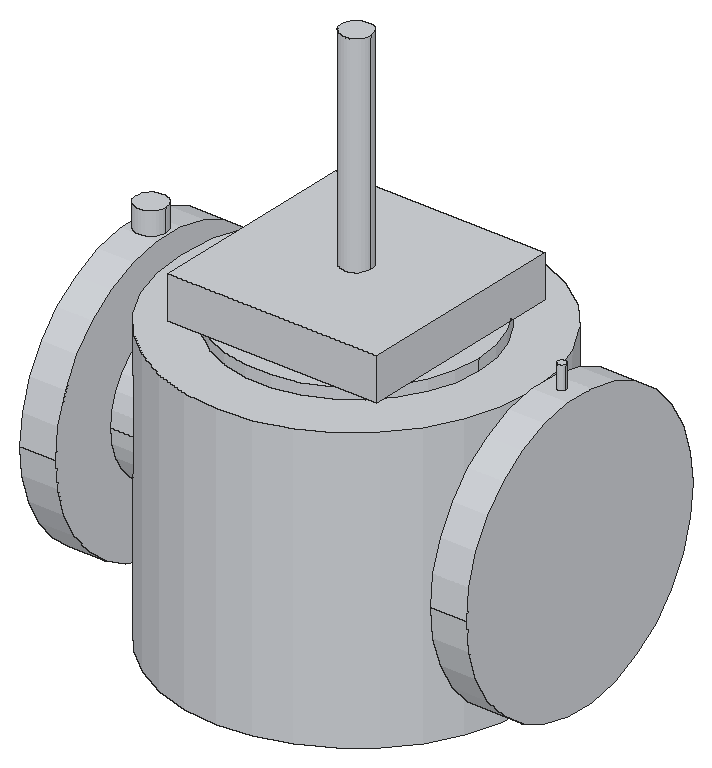
Revit family "OPTIMA_Compact_FLANGE_PN25_DN200-HF_RFA_2018", category Pipe Accessories, Revit 2018
Family settings
  Round Connector Dimension = Use Diameter
  Part Type = Valve - Breaks Into
  Work Plane-Based = No
  Always vertical = Yes
  Cut with Voids When Loaded = No
  Shared = No
Parameters (values of type "Optima Compact Flange PN25 DN200 HF")
  magiProductId = ""
  magiProductFamilyId = ""
  magiPartTypeId = 304
  isMeasuringValve [instance] = no
  ang2D [instance] = 0.00°
  W2D = 100 mm
  VersionID = "2.0/2018.8.28.1/FRESE_OPTIMA_FLANGE_Q13_002"
  Use Minimum Symbol Size [instance] = yes
  URL = "www.hydronic.cz"
  Type Comments = "Přírubový; PN25; 0~110°C, s měřením"
  R4 = 164.5 mm
  R3 = 98.8 mm
  R1 = 235 mm
  QmdConnectorList = "301;D;302;D"
  Productdata [instance] = ""
  Manufacturer = "Hydronic Systems Prague s.r.o."
  MC Product Code = "53-1236 (DN200 HF; 43mm; pohon min 1500N; Qmin-dpmin 130000l/h-31.0kPa; Qmax-dpmin 280000l/h-78.0kPa; dpmax 800kPa)"
  MC Piping Given Pressure Drop [instance] = 0.0 Pa
  LF__ve = -LF  # -48 mm
  LF2 = 24 mm
  LF = 48 mm
  L4 = 282 mm
  L3 = 504 mm
  L2D_Min = 3048 mm
  L2D = 350 mm
  L2 = 300 mm
  H6 = 281 mm
  H4 = 57 mm
  H3 = 15 mm
  H2 = 209 mm
  H1 = 380 mm
  Description = "Tlakově nezávislý 2-cestný regulační vyvažovací ventil (PICV)"
  DF2 = 190 mm
  D = 200 mm
  CAT0 = yes
Types (14, lengths in mm): name | magiProductId | magiProductFamilyId | W2D | Type Comments | R4 | R3 | R1 | MC Product Code | LF__ve | LF2 | LF | L4 | L3 | L2D | L2 | H6 | H4 | H3 | H2 | H1 | DF2 | D
  Optima Compact Flange PN25 DN050 LF | "Frese Optima Flange DN050 LF" | "Frese Optima Flange *" | 50 | "Přírubový; PN25; 0~120°C, s měřením" | 40.3 | 42.9 | 57.5 | "53-1220 (DN50 LF; 20mm; pohon min 1000N; Qmin-dpmin 2500l/h-6.5kPa; Qmax-dpmin 15000l/h-20.0kPa; dpmax 800kPa)" | -18.4 | 9.2 | 18.4 | 108.1 | 193.2 | 230 | 115 | 157.3 | 24.8 | 20.6 | 61.9 | 123.8 | 82.5 | 50
  Optima Compact Flange PN25 DN050 HF | "Frese Optima Flange DN050 HF" | "Frese Optima Flange *" | 50 | "Přírubový; PN25; 0~120°C, s měřením" | 40.25 | 42.9 | 57.5 | "53-1230 (DN50 HF; 20mm; pohon min 1000N; Qmin-dpmin 3900l/h-19.0kPa; Qmax-dpmin 24000l/h-50.0kPa; dpmax 800kPa)" | -18.4 | 9.2 | 18.4 | 108.1 | 193.2 | 230 | 115 | 157.25 | 24.75 | 20.625 | 61.875 | 123.75 | 82.5 | 50
  Optima Compact Flange PN25 DN065 LF | "Frese Optima Flange DN065 LF" | "Frese Optima Flange *" | 50 | "Přírubový; PN25; 0~120°C, s měřením" | 50.75 | 48.1 | 72.5 | "53-1221 (DN65 LF; 20mm; pohon min 1000N; Qmin-dpmin 4400l/h-15.0kPa; Qmax-dpmin 25000l/h-25.0kPa; dpmax 800kPa)" | -23.2 | 11.6 | 23.2 | 136.3 | 243.6 | 230 | 145 | 171.25 | 27.75 | 23.125 | 69.375 | 138.75 | 92.5 | 65
  Optima Compact Flange PN25 DN065 HF | "Frese Optima Flange DN065 HF" | "Frese Optima Flange *" | 50 | "Přírubový; PN25; 0~120°C, s měřením" | 50.75 | 48.1 | 72.5 | "53-1231 (DN65 HF; 20mm; pohon min 1000N; Qmin-dpmin 6000l/h-30.0kPa; Qmax-dpmin 35000l/h-55.0kPa; dpmax 800kPa)" | -23.2 | 11.6 | 23.2 | 136.3 | 243.6 | 230 | 145 | 171.25 | 27.75 | 23.125 | 69.375 | 138.75 | 92.5 | 65
  Optima Compact Flange PN25 DN080 LF | "Frese Optima Flange DN080 LF" | "Frese Optima Flange *" | 50 | "Přírubový; PN25; 0~120°C, s měřením" | 54.25 | 52 | 77.5 | "53-1222 (DN80 LF; 20mm; pohon min 1000N; Qmin-dpmin 5300l/h-16.0kPa; Qmax-dpmin 34000l/h-25.0kPa; dpmax 800kPa)" | -24.8 | 12.4 | 24.8 | 145.7 | 260.4 | 230 | 155 | 183 | 30 | 25 | 75 | 150 | 100 | 80
  Optima Compact Flange PN25 DN080 HF | "Frese Optima Flange DN080 HF" | "Frese Optima Flange *" | 50 | "Přírubový; PN25; 0~120°C, s měřením" | 54.25 | 52 | 77.5 | "53-1232 (DN80 HF; 20mm; pohon min 1000N; Qmin-dpmin 7000l/h-23.0kPa; Qmax-dpmin 43000l/h-50.0kPa; dpmax 800kPa)" | -24.8 | 12.4 | 24.8 | 145.7 | 260.4 | 230 | 155 | 183 | 30 | 25 | 75 | 150 | 100 | 80
  Optima Compact Flange PN25 DN100 LF | "Frese Optima Flange DN100 LF" | "Frese Optima Flange *" | 50 | "Přírubový; PN25; 0~120°C, s měřením" | 61.25 | 61.1 | 87.5 | "53-1223 (DN100 LF; 40mm; pohon min 1000N; Qmin-dpmin 12100l/h-20.0kPa; Qmax-dpmin 68000l/h-35.0kPa; dpmax 800kPa)" | -28 | 14 | 28 | 164.5 | 294 | 230 | 175 | 268.75 | 35.25 | 29.375 | 88.125 | 176.25 | 117.5 | 100
  Optima Compact Flange PN25 DN100 HF | "Frese Optima Flange DN100 HF" | "Frese Optima Flange *" | 50 | "Přírubový; PN25; 0~120°C, s měřením" | 61.25 | 61.1 | 87.5 | "53-1233 (DN100 HF; 40mm; pohon min 1000N; Qmin-dpmin 14800l/h-30.0kPa; Qmax-dpmin 90000l/h-75.0kPa; dpmax 800kPa)" | -28 | 14 | 28 | 164.5 | 294 | 230 | 175 | 268.75 | 35.25 | 29.375 | 88.125 | 176.25 | 117.5 | 100
  Optima Compact Flange PN25 DN125 LF | "Frese Optima Flange DN125 LF" | "Frese Optima Flange *" | 50 | "Přírubový; PN25; 0~120°C, s měřením" | 70 | 70.2 | 100 | "53-1224 (DN125 LF; 40mm; pohon min 1000N; Qmin-dpmin 18500l/h-16.0kPa; Qmax-dpmin 110000l/h-35.0kPa; dpmax 800kPa)" | -32 | 16 | 32 | 188 | 336 | 230 | 200 | 275.5 | 40.5 | 33.75 | 101.25 | 202.5 | 135 | 125
  Optima Compact Flange PN25 DN125 HF | "Frese Optima Flange DN125 HF" | "Frese Optima Flange *" | 50 | "Přírubový; PN25; 0~120°C, s měřením" | 70 | 70.2 | 100 | "53-1234 (DN125 HF; 40mm; pohon min 1000N; Qmin-dpmin 23000l/h-27.0kPa; Qmax-dpmin 135000l/h-53.0kPa; dpmax 800kPa)" | -32 | 16 | 32 | 188 | 336 | 230 | 200 | 275.5 | 40.5 | 33.75 | 101.25 | 202.5 | 135 | 125
  Optima Compact Flange PN25 DN150 LF | "Frese Optima Flange DN150 LF" | "Frese Optima Flange *" | 50 | "Přírubový; PN25; 0~110°C, s měřením" | 84 | 74.1 | 120 | "53-1225 (DN150 LF; 43mm; pohon min 1500N; Qmin-dpmin 25600l/h-21.0kPa; Qmax-dpmin 148000l/h-35.0kPa; dpmax 800kPa)" | -38.4 | 19.2 | 38.4 | 225.6 | 403.2 | 230 | 240 | 279.25 | 42.75 | 35.625 | 106.875 | 213.75 | 142.5 | 150
  Optima Compact Flange PN25 DN150 HF | "Frese Optima Flange DN150 HF" | "Frese Optima Flange *" | 50 | "Přírubový; PN25; 0~110°C, s měřením" | 84 | 74.1 | 120 | "53-1235 (DN150 HF; 43mm; pohon min 1500N; Qmin-dpmin 32000l/h-33.0kPa; Qmax-dpmin 195000l/h-65.0kPa; dpmax 800kPa)" | -38.4 | 19.2 | 38.4 | 225.6 | 403.2 | 230 | 240 | 279.25 | 42.75 | 35.625 | 106.875 | 213.75 | 142.5 | 150
  Optima Compact Flange PN25 DN200 LF | "" | "" | 100 | "Přírubový; PN25; 0~110°C, s měřením" | 164.5 | 98.8 | 235 | "53-1226 (DN200 LF; 43mm; pohon min 1500N; Qmin-dpmin 95000l/h-11.0kPa; Qmax-dpmin 210000l/h-32.0kPa; dpmax 800kPa)" | -48 | 24 | 48 | 282 | 504 | 350 | 300 | 281 | 57 | 15 | 209 | 380 | 190 | 200
  Optima Compact Flange PN25 DN200 HF | "" | "" | 100 | "Přírubový; PN25; 0~110°C, s měřením" | 164.5 | 98.8 | 235 | "53-1236 (DN200 HF; 43mm; pohon min 1500N; Qmin-dpmin 130000l/h-31.0kPa; Qmax-dpmin 280000l/h-78.0kPa; dpmax 800kPa)" | -48 | 24 | 48 | 282 | 504 | 350 | 300 | 281 | 57 | 15 | 209 | 380 | 190 | 200
Reference planes
  plane 1 "Center (Front/Back)": y = 0
  plane 2 "XYPLANE": z = 0
  plane 3 "Center (Left/Right)": x = 0
  plane 4 "157": x = 276
  plane 5 "156": x = -276
  plane 6 "155": z = 190
  plane 7 "154": z = 243
  plane 8 "153": z = 186
  plane 9 "152": z = 171
  plane 10 "151": x = -252
  plane 11 "150": z = -209
  plane 12 "149": x = 0
  plane 13 "148": y = 0
  plane 14 "147": z = 0
  plane 15 "146": x = -300
  plane 16 "145": x = 300
Forms (mm)
  Extrusion 1, solid, visible <- "CAT0"
    sketch origin (-750, 0, 190) x (1, 0, 0) y (0, 1, 0)
      loop
        circle (1026, 0) r 5.5
    from 0 to 30
  Extrusion 2, solid, visible <- "CAT0"
    sketch origin (-750, 0, 190) x (1, 0, 0) y (0, 1, 0)
      loop
        circle (474, 0) r 20.3
    from 0 to 30
  Extrusion 3, solid, visible <- "CAT0"
    sketch origin (-750, 0, 243) x (1, 0, 0) y (0, 1, 0)
      loop
        circle (750, 0) r 20
    from 0 to 281 <- "H6"
  Extrusion 4, solid, visible <- "CAT0"
    sketch origin (-750, 0, 186) x (1, 0, 0) y (0, 1, 0)
      loop
        line (891, 141) -> (609, 141) -> (609, -141) -> (891, -141) -> (891, 141)
    from 0 to 57 <- "H4"
  Extrusion 5, solid, visible <- "CAT0"
    sketch origin (-750, 0, 171) x (1, 0, 0) y (0, 1, 0)
      loop
        circle (750, 0) r 164.5
    from 0 to 15 <- "H3"
  Extrusion 6, solid, visible <- "CAT0"
    sketch origin (-252, -750, 0) x (0, 1, 0) y (0, 0, 1)
      loop
        circle (750, 0) r 98.8
    from 0 to 504 <- "L3"
  Extrusion 7, solid, visible <- "CAT0"
    sketch origin (-750, 0, -209) x (1, 0, 0) y (0, 1, 0)
      loop
        circle (750, 0) r 235
    from 0 to 380 <- "H1"
  Extrusion 8, solid, visible <- "CAT0"
    sketch origin (-300, -750, 0) x (0, 1, 0) y (0, 0, 1)
      loop
        circle (750, 0) r 190
    from 0 to 48 <- "LF"
  Extrusion 9, solid, visible <- "CAT0"
    sketch origin (300, -750, 0) x (0, 1, 0) y (0, 0, 1)
      loop
        circle (750, 0) r 190
    from 0 to -48 <- "LF__ve"
  Extrusion 10, solid, not visible
    sketch origin (-300, -750, 0) x (0, 1, 0) y (0, 0, 1)
      loop
        circle (750, 0) r 10
    from 0 to 10
  Extrusion 11, solid, not visible
    sketch origin (300, -750, 0) x (0, 1, 0) y (0, 0, 1)
      loop
        circle (750, 0) r 10
    from 0 to -10
Lines and regions (mm)
  reference lines, not visible
    curve 1: circle (2, 2, 0) r 1 normal (0, 0, 1)
  reference lines
    curve 2: circle (0, 0, 186) r 1 normal (0, 0, 1)
Dimensions and locks
  plane 1 "Center (Front/Back)" to curve 1 = 2 mm
  "LF2": plane 16 "145" to plane 4 "157"
  "LF2": plane 15 "146" to plane 5 "156"
  "DF2": plane 2 "XYPLANE" to plane 6 "155"
  "H4": plane 8 "153" to plane 7 "154"
  "H3": plane 9 "152" to plane 8 "153"
  "H1": plane 11 "150" to plane 9 "152"
  "LF": plane 15 "146" to plane 10 "151"
  "H2": plane 2 "XYPLANE" to plane 11 "150"
  locked: plane 3 "Center (Left/Right)" to plane 12 "149"
  locked: plane 1 "Center (Front/Back)" to plane 13 "148"
  locked: plane 2 "XYPLANE" to plane 14 "147"
  "L2": plane 3 "Center (Left/Right)" to plane 15 "146"
  "L2": plane 3 "Center (Left/Right)" to plane 16 "145"
  equal spacing: Extrusion 4 sketch curve, curve 2, Extrusion 4 sketch curve  (x2)
  "L4": Extrusion 4 sketch curve to Extrusion 4 sketch curve  (x2)
  Extrusion 4 sketch curve to Extrusion 4 sketch curve = 0 mm  (x8)
  "R4": radius of Extrusion 5 sketch curve
  "R3": radius of Extrusion 6 sketch curve
  "R1": radius of Extrusion 7 sketch curve
  "DF2": radius of Extrusion 8 sketch curve
  "DF2": radius of Extrusion 9 sketch curve
  aligned and locked: level to plane 2 "XYPLANE"
  aligned and locked: plane 4 "157" to Extrusion 1 sketch curve
  aligned and locked: plane 13 "148" to Extrusion 1 sketch curve
  aligned and locked: plane 5 "156" to Extrusion 2 sketch curve
  aligned and locked: plane 13 "148" to Extrusion 2 sketch curve
  aligned and locked: plane 12 "149" to Extrusion 3 sketch curve
  aligned and locked: plane 13 "148" to Extrusion 3 sketch curve
  aligned and locked: plane 12 "149" to curve 2
  aligned and locked: plane 13 "148" to curve 2
  aligned and locked: plane 12 "149" to Extrusion 5 sketch curve
  aligned and locked: plane 13 "148" to Extrusion 5 sketch curve
  aligned and locked: Extrusion 6 sketch curve to plane 13 "148"
  aligned and locked: plane 14 "147" to Extrusion 6 sketch curve
  aligned and locked: plane 12 "149" to Extrusion 7 sketch curve
  aligned and locked: plane 13 "148" to Extrusion 7 sketch curve
  aligned and locked: Extrusion 8 sketch curve to plane 13 "148"
  aligned and locked: plane 14 "147" to Extrusion 8 sketch curve
  aligned and locked: Extrusion 9 sketch curve to plane 13 "148"
  aligned and locked: plane 14 "147" to Extrusion 9 sketch curve
  aligned and locked: Extrusion 10 sketch curve to plane 13 "148"
  aligned and locked: plane 14 "147" to Extrusion 10 sketch curve
  aligned and locked: Extrusion 11 sketch curve to plane 13 "148"
  aligned and locked: plane 14 "147" to Extrusion 11 sketch curve
Automatic sketch dimensions
  Extrusion 1 sketch curve to plane 4 "157" = 5.5 mm
  plane 15 "146" to Extrusion 2 sketch curve = 3.7 mm
  Extrusion 3 sketch curve to plane 3 "Center (Left/Right)" = 20 mm
  plane 1 "Center (Front/Back)" to Extrusion 10 sketch curve = 10 mm
  plane 1 "Center (Front/Back)" to Extrusion 11 sketch curve = 10 mm
  plane 3 "Center (Left/Right)" to curve 1 = 2 mm
  plane 10 "151" to Extrusion 4 sketch curve = 111 mm
  plane 1 "Center (Front/Back)" to Extrusion 4 sketch curve = 141 mm
  radius of curve 2 = 1 mm
  radius of curve 1 = 1 mm
Connectors
  piping at (-300, 0, 0), diameter 200, driven by "D"
    settings: on Extrusion 10, index 1, connector inside diameter 609.6 mm, connector length 0 mm, flow factor 0, pipe flow 0.0 L/s, pressure drop 0.0 Pa, fitting loss kfactor 0, connector angle 0.00°, fixture units 0, engagement length 0 mm, angle of deflection 0.00°, flow configuration 0, flow direction 0, fitting loss method 0, system type 29, joint type 0, gender type 0, connector reference index 2, connector utility 0, adjustable connector no, is connector primary yes, connector description ""
  piping at (300, 0, 0), diameter 200, driven by "D"
    settings: on Extrusion 11, index 2, connector inside diameter 609.6 mm, connector length 0 mm, flow factor 0, pipe flow 0.0 L/s, pressure drop 0.0 Pa, fitting loss kfactor 0, connector angle 0.00°, fixture units 0, engagement length 0 mm, angle of deflection 0.00°, flow configuration 0, flow direction 0, fitting loss method 0, system type 29, joint type 0, gender type 0, connector reference index 1, connector utility 0, adjustable connector no, is connector primary no, connector description ""
